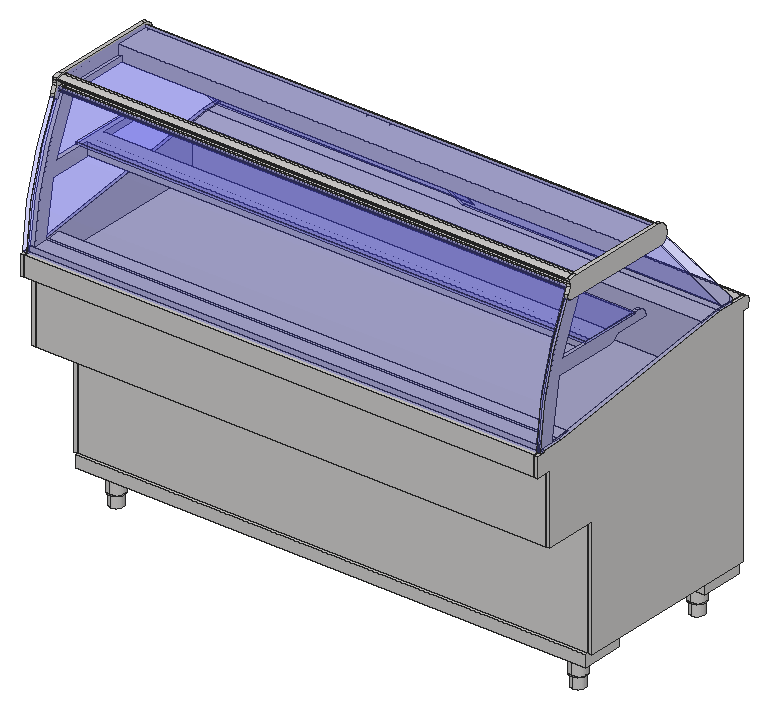
Revit family "Food-Service-Equipment_Oscartek_CIIDPC1700", category Specialty Equipment, Revit 2026 (continued)
Automatic sketch dimensions
  Split face 5 sketch curve to Extrusion 20 = 4.41219"
  Split face 5 sketch curve to Extrusion 20 = 5.08781"
  Extrusion 2 to Split face 6 sketch curve = 3.41071"
  Split face 6 sketch curve to Split face 6 sketch curve = 1 3/4"  (x2)
  Split face 6 sketch curve to Extrusion 2 = 1.21429"
  Split face 6 sketch curve to Extrusion 2 = 13.63981"
  Extrusion 2 to Extrusion 21 sketch curve = 0.93233"  (x2)
  Extrusion 2 to Extrusion 21 sketch curve = 3 5/16"  (x2)
  radius of Extrusion 21 sketch curve = 1/2"  (x2)
Nested families (in)
  nested 1: "CIIDPC1700_Lighting" at (33.66016, -17.09584, -4.14819), type "CIIDPC1700_Lighting"
  nested 2: "CIIDPC1700_Lighting" at (33.66016, -23.22084, -12.59029), type "CIIDPC1700_Lighting"
Connectors (in)
  electrical at (33.66016, -13.42505, 5.9055), driven by "Volts", driven by "Watts"
    settings: on Extrusion 2, index 1, voltage 120 V, apparent load 1560 VA, apparent load phase1 0 VA, apparent load phase2 0 VA, apparent load phase3 0 VA, power factor 1, load classification "Other", number of poles 1, system type 30, power factor state 1, is connector primary yes, connector utility no, sub classification motor no, connector description "Electrical Connection"
  piping at (63.50781, -7.875, 29.29917), diameter 1
    settings: on Extrusion 21, index 4, connector inside diameter 1", connector length 0", flow factor 0, pipe flow 0 GPM, pressure drop 0.00 psi, fitting loss kfactor 0, connector angle 0.00°, fixture units 0, engagement length 0", angle of deflection 0.00°, flow configuration 1, flow direction 2, fitting loss method 0, system type 16, joint type 0, gender type 0, connector reference index -1, connector utility 0, adjustable connector no, is connector primary yes, connector description "Drain"
  piping at (3.8125, -7.875, 29.29917), diameter 1
    settings: on Extrusion 21, index 5, connector inside diameter 1", connector length 0", flow factor 0, pipe flow 0 GPM, pressure drop 0.00 psi, fitting loss kfactor 0, connector angle 0.00°, fixture units 0, engagement length 0", angle of deflection 0.00°, flow configuration 1, flow direction 2, fitting loss method 0, system type 16, joint type 0, gender type 0, connector reference index -1, connector utility 0, adjustable connector no, is connector primary no, connector description "Drain"
Definition of nested family "CIIDPC1700_Lighting"
  Parameters
    Wattage = 12.1178 W
    built-in parameter 1150110 = 1 (stored number, unit not read)
    built-in parameter 1114217 = 1 (stored number, unit not read)
    built-in parameter 1150109 = 1 (stored number, unit not read)
    built-in parameter 1150134 = (empty or 0)
    built-in parameter 1150113 = 1 (stored number, unit not read)
    Lumens = 1800 lm
    built-in parameter 1150115 = 1 (stored number, unit not read)
    built-in parameter 1150105 = 572.96 (stored number, unit not read)
    Light Source Symbol Size = 24"
    built-in parameter 1150137 = (empty or 0)
    built-in parameter 1150139 = (empty or 0)
    built-in parameter 1150112 = 1 (stored number, unit not read)
    built-in parameter 1150114 = 1 (stored number, unit not read)
    built-in parameter 1150132 = 2
    built-in parameter 1150102 = (empty or 0)
    built-in parameter 1150138 = (empty or 0)
    built-in parameter 1150107 = 3000 (stored number, unit not read)
    built-in parameter 1150106 = 5.7296 (stored number, unit not read)
    Emit from Line Length = 78.88"
    built-in parameter 1150104 = 13.8 (stored number, unit not read)
    Dimming Lamp Color Temperature Shift = (empty or 0)
    Default Elevation = 0"
    Color Filter = 16777215
    built-in parameter 1114218 = 1 (stored number, unit not read)
    built-in parameter 1150133 = 10 (stored number, unit not read)
    Assembly Code = ""
  Reference planes (in)
    plane 1 "Light Source Axis (F/B)": y = 0
    plane 2: z = 0
    plane 3 "Light Source Axis (L/R)": x = 0
    plane 4 "Light Source Elevation": z = 54
    plane 5: x = 39.44
    plane 6: x = -39.44
  Forms (in)
    Extrusion 1, solid
      sketch origin (0, 0, 0) x (0, 1, 0) y (0, 0, 1)
        loop
          circle (0, 53.55518) r 0.44482
      from -39.44 to 39.44
  Dimensions and locks (in)
    equal spacing: plane 6, plane 3 "Light Source Axis (L/R)", plane 5
    "Emit from Line Length": plane 6 to plane 5
    aligned and locked: plane 3 "Light Source Axis (L/R)" to imposter light
    aligned and locked: plane 1 "Light Source Axis (F/B)" to imposter light
    aligned and locked: plane 4 "Light Source Elevation" to imposter light
    aligned and locked: level to plane 2
    aligned and locked: imposter light to Extrusion 1
    aligned and locked: plane 5 to Extrusion 1
  Automatic sketch dimensions
    Extrusion 1 sketch curve to plane 1 "Light Source Axis (F/B)" = 0"
    plane 4 "Light Source Elevation" to Extrusion 1 sketch curve = 0.44482"
    radius of Extrusion 1 sketch curve = 0.44482"
